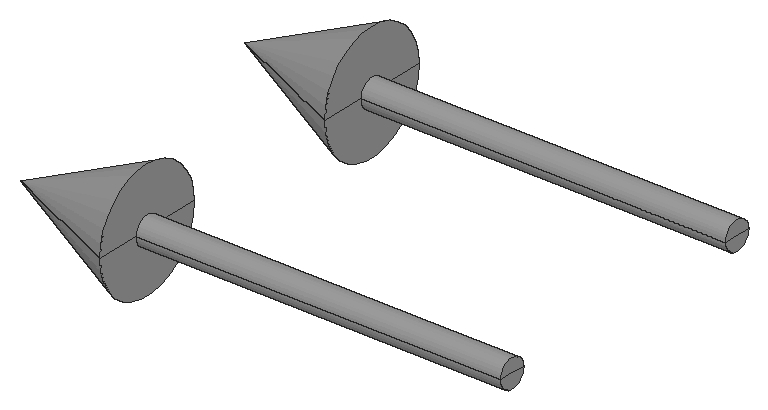
Revit family "NLRS_57_AIR_UN_airflow-arrow-open-end-rectangular-duct-in_sacs", category Air Terminals, Revit 2020
Family settings
  Round Connector Dimension = Use Diameter
  Part Type = Normal
  Work Plane-Based = No
  Always vertical = Yes
  Cut with Voids When Loaded = No
  Shared = No
  Room Calculation Point = No
Parameters (values of type "Size 1")
  URL = "https://solid-air.nl/bim/"
  Size_multiplier = 1
  SACS_Show_Part_2 [instance] = not(SACS_Show_Part_1)  # yes
  SACS_Show_Part_1 [instance] = SACS_Array_Count = 1  # no
  SACS_Offset2 [instance] = SACS_Offset1 * 2  # 100 mm
  SACS_Offset1 [instance] = (NLRS_M_c01_breedte / SACS_Checked_Array_Count) / 2  # 50 mm
  SACS_Checked_Array_Count [instance] = if(SACS_Array_Count < 2, 2, SACS_Array_Count)  # 2
  SACS_Array_Count [instance] = NLRS_M_c01_breedte / (100 mm * Size_multiplier)  # 2
  NLRS_M_c01_hoogte [instance] = 200 mm
  NLRS_M_c01_debiet [instance] = 0.0 L/s
  NLRS_M_c01_breedte [instance] = 200 mm
  NLRS_C_model = "Airflow arrow - duct IN"  # constant formula
  NLRS_C_description = "Rectangular open end, airflow duct IN"  # constant formula
  NLRS_C_content_versie = "1.20.00"  # constant formula
  NLRS_C_content_provider = "Solid Air Climate Systems"  # constant formula
  NLRS_C_content_datum_uitgifte = "09-06-2023"  # constant formula
  NLRS_C_content_creator = "J. Feeke"  # constant formula
  Model = "Airflow arrow - duct IN"  # constant formula
  Manufacturer = "Solid Air Climate Systems"  # constant formula
  IfcExportType = "OPEN END"  # constant formula
  IfcExportAs = "IfcAirTerminal"  # constant formula
  IfcDescription = Description  # "Rectangular open end, airflow duct IN"
  Description = "Rectangular open end, airflow duct IN"  # constant formula
  Default Elevation = 0 mm
  Assembly Code = "57.00"
Types (4, lengths in mm): name | Size_multiplier | SACS_Show_Part_2 | SACS_Show_Part_1 | SACS_Array_Count
  (no name) | 1 | yes | no | 2
  Size 1 | 1 | yes | no | 2
  Size 1.5 | 1.5 | no | yes | 1
  Size 2 | 2 | no | yes | 1
Reference planes
  plane 1 "Center (Front/Back)": y = 0
  plane 2: z = 0
  plane 3 "Center (Left/Right)": x = 0
  plane 4: y = -100
  plane 5: y = 100
  plane 6: y = -50
  plane 7: y = 50
Forms (mm)
  Extrusion 1, solid, not visible
    sketch origin (0, 0, 0) x (0, 1, 0) y (0, 0, 1)
      loop
        circle (0, 0) r 1
    from 0 to -1
  Extrusion 2, solid, material "SACS_Label", not visible
    sketch origin (-547.644, -297.937, 0) x (1, 0, 0) y (0, 1, 0)
      loop
        arc (542.644, 302.937) -> (537.644, 297.937) -> (542.644, 292.937) r 5
        line (542.644, 292.937) -> (542.644, 297.937) -> (547.644, 292.937) -> (547.644, 297.937) -> (542.644, 302.937)
    from 0 to 2
  Extrusion 3, solid, material "SACS_Label", not visible
    sketch origin (0, 0, 0) x (1, 0, 0) y (0, 1, 0)
      loop
        arc (5, -5) -> (10, 0) -> (5, 5) r 5
        line (5, 5) -> (5, 0) -> (0, 5) -> (0, 0) -> (5, -5)
    from 0 to 2
Dimensions and locks
  equal spacing: plane 5, plane 1 "Center (Front/Back)", plane 4
  "NLRS_M_c01_breedte": plane 5 to plane 4
  "SACS_Offset1": plane 6 to plane 4
  group 1 to group 2 = 0 mm  (x2)
  group 1 to group 2 = 100 mm
  "SACS_Offset2": plane 7 to plane 6
  aligned and locked: level to plane 2
  aligned and locked: Extrusion 1 to plane 3 "Center (Left/Right)"
  aligned and locked: level to nested 2
  aligned and locked: plane 3 "Center (Left/Right)" to nested 3
  aligned and locked: plane 1 "Center (Front/Back)" to nested 3
Automatic sketch dimensions
  Extrusion 1 sketch curve to level = 0 mm
  Extrusion 1 sketch curve to plane 1 "Center (Front/Back)" = 0 mm
  plane 1 "Center (Front/Back)" to Extrusion 2 sketch curve = 0 mm  (x3)
  Extrusion 2 sketch curve to plane 3 "Center (Left/Right)" = 0 mm
  Extrusion 2 sketch curve to plane 3 "Center (Left/Right)" = 5 mm
  Extrusion 2 sketch curve to Extrusion 2 sketch curve = 5 mm
  Extrusion 2 sketch curve to Extrusion 2 sketch curve = 0 mm
  plane 1 "Center (Front/Back)" to Extrusion 3 sketch curve = 0 mm  (x3)
  Extrusion 3 sketch curve to plane 3 "Center (Left/Right)" = 0 mm
  Extrusion 3 sketch curve to Extrusion 3 sketch curve = 5 mm  (x2)
  Extrusion 3 sketch curve to plane 1 "Center (Front/Back)" = 5 mm
  radius of Extrusion 1 sketch curve = 1 mm
Nested families
  nested 1: "Arrow_in" at (0, 0, 0), visible <- "SACS_Show_Part_1", type "Arrow_in"
  nested 2: "Arrow_in" at (200, 0, 0) x (-1, 0, 0) z (0, -1, 0), type "Arrow_in"
  nested 3: "arrow_3d_in" at (0, 0, 0), visible <- "SACS_Show_Part_1", type "arrow_3d_in"
  nested 4: "Arrow_in" at (0, -50, 0), visible <- "SACS_Show_Part_2", type "Arrow_in"
  nested 5: "arrow_3d_in" at (0, -50, 0), visible <- "SACS_Show_Part_2", type "arrow_3d_in"
  nested 6: "Arrow_in" at (0, 50, 0), visible <- "SACS_Show_Part_2", type "Arrow_in"
  nested 7: "arrow_3d_in" at (0, 50, 0), visible <- "SACS_Show_Part_2", type "arrow_3d_in"
Connectors
  hvac at (0, 0, 0), driven by "NLRS_M_c01_breedte", driven by "NLRS_M_c01_debiet", driven by "NLRS_M_c01_hoogte", driven by "NLRS_M_c01_breedte"
    settings: on Extrusion 1, index 1, duct flow 0.0 L/s, flow factor 0, pres drop 0.0 Pa, loss coef 0, conn angle 0.00°, conn width 200 mm, conn height 200 mm, conn diameter 200 mm, duct sys type 29, conn prof type 1, flow config 1, flow direction 2, loss method 4, conn ref index -1, conn util no, is conn primary yes, conn desc ""
Definition of nested family "arrow_3d_in"
  Parameters (values of type "arrow_3d_in")
    size_multiplier = 1
    dummy = 1  # constant formula
    Tail_Width = size_multiplier * 5 mm * dummy  # 5 mm
    Tail_End = size_multiplier * 130 mm * dummy  # 130 mm
    Head_Width = size_multiplier * 21 mm * dummy  # 21 mm
    Head_Start = size_multiplier * 25 mm * dummy  # 25 mm
    Head_End = size_multiplier * 45 mm * dummy  # 45 mm
    Default Elevation = 0 mm
  Reference planes
    plane 1 "Center (Front/Back)": y = 0
    plane 2: z = 0
    plane 3 "Center (Left/Right)": x = 0
    plane 4: x = 25
    plane 5: x = 200
    plane 6: x = 70
    plane 7: y = -21
    plane 8: y = -5
  Forms (mm)
    Extrusion 1, solid, not visible
      sketch origin (0, 0, 0) x (0, 1, 0) y (0, 0, 1)
        loop
          circle (0, 0) r 1
      from 0 to -1
    Extrusion 2, solid, not visible
      sketch origin (-547.644, -297.937, 0) x (1, 0, 0) y (0, 1, 0)
        loop
          arc (542.644, 302.937) -> (537.644, 297.937) -> (542.644, 292.937) r 5
          line (542.644, 292.937) -> (542.644, 297.937) -> (547.644, 292.937) -> (547.644, 297.937) -> (542.644, 302.937)
      from 0 to 2
    Extrusion 3, solid, not visible
      sketch origin (0, 0, 0) x (1, 0, 0) y (0, 1, 0)
        loop
          arc (5, -5) -> (10, 0) -> (5, 5) r 5
          line (5, 5) -> (5, 0) -> (0, 5) -> (0, 0) -> (5, -5)
      from 0 to 2
    Revolve 4, solid, detail levels medium+fine
      sketch origin (0, 0, 0) x (1, 0, 0) y (0, 1, 0)
        loop
          line (25, 0) -> (70, -21) -> (70, -5) -> (200, -5) -> (200, 0) -> (25, 0)
        axis (25, 0) -> (200, 0)
      angle from 0 to 360
  Dimensions and locks
    "Head_Start": plane 3 "Center (Left/Right)" to plane 4
    "Head_End": plane 4 to plane 6
    "Tail_Width": plane 8 to plane 1 "Center (Front/Back)"
    "Head_Width": plane 7 to plane 1 "Center (Front/Back)"
    "Tail_End": plane 6 to plane 5
    Extrusion 3 sketch curve to plane 1 "Center (Front/Back)" = 5 mm
    Extrusion 2 sketch curve to plane 1 "Center (Front/Back)" = 5 mm  (x2)
    radius of Extrusion 3 sketch curve = 5 mm
    radius of Extrusion 2 sketch curve = 5 mm
    aligned and locked: level to plane 2
    aligned and locked: Extrusion 1 to plane 3 "Center (Left/Right)"
    aligned and locked: plane 4 to Revolve 4 sketch curve
    aligned and locked: plane 5 to Revolve 4 sketch curve
    aligned and locked: plane 1 "Center (Front/Back)" to Revolve 4 sketch curve
    aligned and locked: Revolve 4 sketch curve to plane 8
    aligned and locked: Revolve 4 sketch curve to plane 5
    aligned and locked: Revolve 4 sketch curve to plane 6
    aligned and locked: plane 7 to Revolve 4 sketch curve
  Automatic sketch dimensions
    Extrusion 1 sketch curve to level = 0 mm
    Extrusion 1 sketch curve to plane 1 "Center (Front/Back)" = 0 mm
    plane 1 "Center (Front/Back)" to Extrusion 2 sketch curve = 0 mm  (x2)
    Extrusion 2 sketch curve to plane 3 "Center (Left/Right)" = 0 mm
    Extrusion 2 sketch curve to plane 3 "Center (Left/Right)" = 5 mm
    plane 1 "Center (Front/Back)" to Extrusion 3 sketch curve = 0 mm  (x2)
    Extrusion 3 sketch curve to plane 3 "Center (Left/Right)" = 0 mm
    Extrusion 3 sketch curve to Extrusion 3 sketch curve = 5 mm
    Extrusion 3 sketch curve to plane 1 "Center (Front/Back)" = 5 mm
    Revolve 4 sketch curve to plane 4 = 0 mm
    plane 1 "Center (Front/Back)" to Revolve 4 sketch curve = 0 mm
    radius of Extrusion 1 sketch curve = 1 mm
Definition of nested family "Arrow_in"
  Parameters (values of type "Arrow_in")
    size_multiplier = 1
    dummy = 1  # constant formula
    Tail_End = size_multiplier * 130 mm * dummy  # 130 mm
    Head_Width = size_multiplier * 21 mm * dummy  # 21 mm
    Head_Start = size_multiplier * 25 mm * dummy  # 25 mm
    Head_End = size_multiplier * 45 mm * dummy  # 45 mm
  Reference planes
    plane 1 "Center (Front/Back)": y = 0
    plane 2: z = 0
    plane 3 "Center (Left/Right)": x = 0
    plane 4: x = 200
    plane 5: y = 21
    plane 6: y = -21
    plane 7: x = 25
    plane 8: x = 70
  Lines and regions (mm)
    Filled region 1, type "Solid Fill - Black", in view "Ref. Level"
      outline origin (224.685, 0, 0) x (0, 1, 0) y (-1, 0, 0)
        loop
          line (0, 200) -> (-21.131, 154.685) -> (21.131, 154.685) -> (0, 200)
    detail lines, in view "Ref. Level"
      curve 1: line (200, 0, 0) -> (70, 0, 0)
  Dimensions and locks
    "Head_Start": plane 3 "Center (Left/Right)" to plane 7
    "Head_End": plane 7 to plane 8
    "Tail_End": plane 8 to plane 4
    "Head_Width": plane 5 to plane 1 "Center (Front/Back)" to plane 6
    aligned and locked: Filled region 1 sketch curve to plane 8
    aligned and locked: plane 8 to curve 1
    aligned and locked: plane 4 to curve 1
    aligned and locked: curve 1 to plane 1 "Center (Front/Back)"
  Automatic sketch dimensions
    plane 1 "Center (Front/Back)" to Filled region 1 sketch curve = 0 mm
    Filled region 1 sketch curve to plane 6 = 0.131 mm
    plane 5 to Filled region 1 sketch curve = 0.131 mm
    Filled region 1 sketch curve to plane 7 = 0.315 mm
